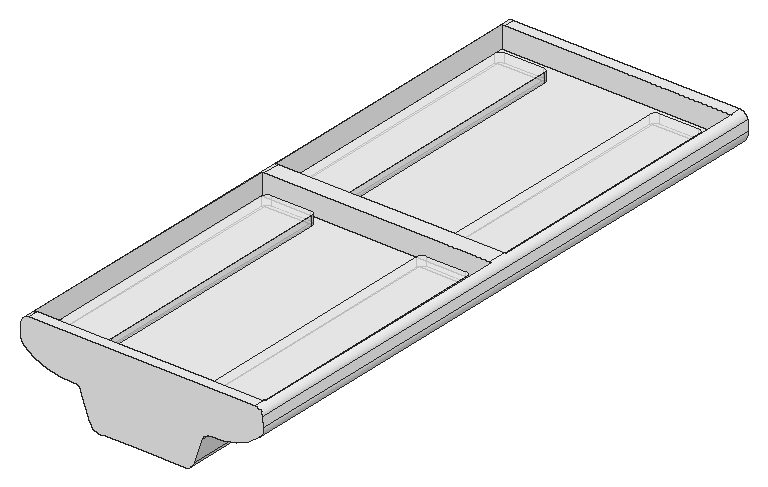
Revit family "PELA-850-L48", category Lighting Fixtures, host Face, Revit 2021
Family settings
  Host = Face
  Round Connector Dimension = Use Diameter
  Part Type = Normal
  OmniClass Number = 23.80.70.11.14.17
  OmniClass Title = Direct/Indirect
  Cut with Voids When Loaded = No
  Light Source = Yes
  Shared = Yes
  Room Calculation Point = No
Parameters (values of type "PELA-850-L48")
  Wattage = 388 W
  Warranty = "5 year limited"  # constant formula
  built-in parameter 1150110 = 1 (stored number, unit not read)
  Voltage Comments = "120-277;347;480"
  Voltage = 120 V
  Version = "2021 V 1.2"  # constant formula
  Type Comments = "Light Fixture"
  built-in parameter 1114217 = 1 (stored number, unit not read)
  Tilt Angle = -90.00°
  built-in parameter 1150109 = 1 (stored number, unit not read)
  built-in parameter 1150134 = 2
  built-in parameter 1150113 = 1 (stored number, unit not read)
  Product Page URL = "https://www.currentlighting.com/indoor-lighting/pela/232365"
  Product Documentation Link = "https://cdn.currentlighting.com/site/specsheet/COL_PELA_SPEC.pdf"
  Power Factor = 1
  Photometry Note = "Please load ies file listed under Photometric Web File for accurate rendering."  # constant formula
  Photometric Web Link = "https://www.currentlighting.com/indoor-lighting/pela/232365"
  Photometric Web File = "PELA-850-L48-B-xxx_120-277V.IES"
  Optical Code = "B"
  Wattage Comments = "49 - 380 W"
  URL = "www.currentlighting.com"
  Mounting = "Please Refer to the Product Spec Sheet for Mounting Options"  # constant formula
  Model = "PELA-850-L48"
  Manufacturer Contact-us = "https://www.currentlighting.com/contact-us"
  Manufacturer Address = "701 Millenium Blvd,Greenville, SC"  # constant formula
  Manufacturer = "Current Lighting"  # constant formula
  built-in parameter 1150105 = 3827.5 (stored number, unit not read)
  Lumens = 48112 lm
  built-in parameter 1150115 = 1 (stored number, unit not read)
  Load Classification = Lighting
  built-in parameter 1150137 = (empty or 0)
  built-in parameter 1150139 = (empty or 0)
  Lens Material Finish = White Glass
  built-in parameter 1150112 = 1 (stored number, unit not read)
  built-in parameter 1150114 = 1 (stored number, unit not read)
  Lamp = "LED"  # constant formula
  Installation and Service URL = "https://cdn.currentlighting.com/site/installationmanuals/COL_PELA_INS.pdf"
  built-in parameter 1150132 = (empty or 0)
  built-in parameter 1150102 = (empty or 0)
  built-in parameter 1150107 = 5000 (stored number, unit not read)
  built-in parameter 1150138 = (empty or 0)
  built-in parameter 1150106 = 38.275 (stored number, unit not read)
  Housing Material = Paint - Matte White
  Features = "Ideal for high bay industrial and commercial buildings\r\nLumen packages from 9,000-48,000\r\nIntegrated emergency battery backup\r\nAvailable with NX Connect integrated controls"
  Emit from Rectangle Width = 26.00"  # constant formula
  Emit from Rectangle Length = 9.50"  # constant formula
  Emit Shape Visible in Rendering = no
  built-in parameter 1150104 = 11.52 (stored number, unit not read)
  Distribution Patterns = "None"
  Dimming Lamp Color Temperature Shift = <None>
  Description = "The PELA is a compact high bay fixture with many options available from high lumen packages to switchable lumens as well as NX Controls."
  Default Elevation = 48.00"
  Copyright = "© 2022 HLI Solutions, Inc."
  Controller = "Please Refer to the Product Spec Sheet for Control Options"  # constant formula
  Color Rendering Index = "80 CRI"
  Color Filter = 16777215
  Brand = "Columbia Lighting"
  built-in parameter 1114218 = 1 (stored number, unit not read)
  Available Finish Options = "Available in Matte White"  # constant formula
  built-in parameter 1150133 = 10 (stored number, unit not read)
  Assembly Code = "D5020200"
  Apparent Load = 388 VA
  Additional Material Finish = Paint - Matte White
Reference planes (in)
  plane 1 "Center (Front/Back)": y = 13.26342
  plane 2: z = 0
  plane 3 "Center (Left/Right)": x = 0
  plane 4: y = 26.91342
  plane 5: y = -0.38658
  plane 6: x = 5.44
  plane 7: x = -5.44
  plane 8: z = 3.6
Forms (in)
  Extrusion 1, solid, material "Paint - Matte White" <- "Housing Material"
    sketch origin (0, 13.26342, 0.125) x (1, 0, 0) y (0, 0, 1)
      loop
        arc (-5.06082, 3.48382) -> (-5.30339, 3.38949) -> (-5.41851, 3.15607) r 0.35905
        line (-5.41851, 3.15607) -> (-5.45721, 2.71367)
        arc (-5.45721, 2.71367) -> (-5.42172, 2.48036) -> (-5.28317, 2.28932) r 0.5
        arc (-5.28317, 2.28932) -> (-4.23601, 1.70309) -> (-3.04468, 1.55842) r 3.10058
        arc (-3.04468, 1.55842) -> (-2.84716, 1.50707) -> (-2.72206, 1.34584) r 0.31649
        line (-2.72206, 1.34584) -> (-2.33814, 0.23087)
        arc (-2.33814, 0.23087) -> (-2.10135, -0.05086) -> (-1.73678, -0.10118) r 0.51237
        line (-1.73678, -0.10118) -> (0, -0.10118) -> (1.79928, -0.10118)
        arc (1.79928, -0.10118) -> (2.16385, -0.05086) -> (2.40064, 0.23087) r 0.51237
        line (2.40064, 0.23087) -> (2.78456, 1.34584)
        arc (2.78456, 1.34584) -> (2.90966, 1.50707) -> (3.10718, 1.55842) r 0.31649
        arc (3.10718, 1.55842) -> (4.29851, 1.70309) -> (5.34567, 2.28932) r 3.10058
        arc (5.34567, 2.28932) -> (5.48422, 2.48036) -> (5.51971, 2.71367) r 0.5
        line (5.51971, 2.71367) -> (5.48101, 3.15607)
        arc (5.48101, 3.15607) -> (5.36589, 3.38949) -> (5.12332, 3.48382) r 0.35905
        line (5.12332, 3.48382) -> (-5.06082, 3.48382)
    from -13.65 to 13.65
  Extrusion 2, void
    sketch origin (0, 0, 0) x (1, 0, 0) y (0, 1, 0)
      loop
        line (-5.19, 26.41342) -> (-5.19, 13.66342) -> (5.19, 13.66342) -> (5.19, 26.41342) -> (-5.19, 26.41342)
      loop
        line (-5.19, 0.11342) -> (5.19, 0.11342) -> (5.19, 12.86342) -> (-5.19, 12.86342) -> (-5.19, 0.11342)
    from 2.63499 to 3.85781
  Extrusion 3, solid, material "White Glass" <- "Lens Material Finish"
    sketch origin (-0.06717, -0.07678, 0) x (1, 0, 0) y (0, 1, 0)
      loop
        arc (-4.36812, 25.71987) -> (-4.5449, 25.64664) -> (-4.61812, 25.46987) r 0.25
        line (-4.61812, 25.46987) -> (-4.61812, 14.17987)
        arc (-4.61812, 14.17987) -> (-4.5449, 14.00309) -> (-4.36812, 13.92987) r 0.25
        line (-4.36812, 13.92987) -> (-2.61812, 13.92987)
        arc (-2.61812, 13.92987) -> (-2.44134, 14.00309) -> (-2.36812, 14.17987) r 0.25
        line (-2.36812, 14.17987) -> (-2.36812, 25.46987)
        arc (-2.36812, 25.46987) -> (-2.44134, 25.64664) -> (-2.61812, 25.71987) r 0.25
        line (-2.61812, 25.71987) -> (-4.36812, 25.71987)
      loop
        line (4.36812, 25.71987) -> (2.61812, 25.71987)
        arc (2.61812, 25.71987) -> (2.44134, 25.64664) -> (2.36812, 25.46987) r 0.25
        line (2.36812, 25.46987) -> (2.36812, 14.17987)
        arc (2.36812, 14.17987) -> (2.44134, 14.00309) -> (2.61812, 13.92987) r 0.25
        line (2.61812, 13.92987) -> (4.36812, 13.92987)
        arc (4.36812, 13.92987) -> (4.5449, 14.00309) -> (4.61812, 14.17987) r 0.25
        line (4.61812, 14.17987) -> (4.61812, 25.46987)
        arc (4.61812, 25.46987) -> (4.5449, 25.64664) -> (4.36812, 25.71987) r 0.25
      loop
        line (-4.36812, 0.80697) -> (-2.61812, 0.80697)
        arc (-2.61812, 0.80697) -> (-2.44134, 0.8802) -> (-2.36812, 1.05697) r 0.25
        line (-2.36812, 1.05697) -> (-2.36812, 12.34697)
        arc (-2.36812, 12.34697) -> (-2.44134, 12.52375) -> (-2.61812, 12.59697) r 0.25
        line (-2.61812, 12.59697) -> (-4.36812, 12.59697)
        arc (-4.36812, 12.59697) -> (-4.5449, 12.52375) -> (-4.61812, 12.34697) r 0.25
        line (-4.61812, 12.34697) -> (-4.61812, 1.05697)
        arc (-4.61812, 1.05697) -> (-4.5449, 0.8802) -> (-4.36812, 0.80697) r 0.25
      loop
        arc (4.36812, 0.80697) -> (4.5449, 0.8802) -> (4.61812, 1.05697) r 0.25
        line (4.61812, 1.05697) -> (4.61812, 12.34697)
        arc (4.61812, 12.34697) -> (4.5449, 12.52375) -> (4.36812, 12.59697) r 0.25
        line (4.36812, 12.59697) -> (2.61812, 12.59697)
        arc (2.61812, 12.59697) -> (2.44134, 12.52375) -> (2.36812, 12.34697) r 0.25
        line (2.36812, 12.34697) -> (2.36812, 1.05697)
        arc (2.36812, 1.05697) -> (2.44134, 0.8802) -> (2.61812, 0.80697) r 0.25
        line (2.61812, 0.80697) -> (4.36812, 0.80697)
    from 2.63499 to 3.06657
  Extrusion 4, solid, material "Paint - Matte White" <- "Additional Material Finish"
    sketch origin (-0.06717, -0.07678, 0) x (1, 0, 0) y (0, 1, 0)
      loop
        line (-4.50479, 25.46987) -> (-4.50479, 14.17987) -> (-2.48145, 14.17987) -> (-2.48145, 25.46987) -> (-4.50479, 25.46987)
      loop
        line (4.50479, 25.46987) -> (2.48145, 25.46987) -> (2.48145, 14.17987) -> (4.50479, 14.17987) -> (4.50479, 25.46987)
      loop
        line (-4.50479, 1.05697) -> (-2.48145, 1.05697) -> (-2.48145, 12.34697) -> (-4.50479, 12.34697) -> (-4.50479, 1.05697)
      loop
        line (4.50479, 1.05697) -> (4.50479, 12.34697) -> (2.48145, 12.34697) -> (2.48145, 1.05697) -> (4.50479, 1.05697)
    from 2.63499 to 2.7
Cuts and joins
  Extrusion 2 cuts Extrusion 1
Dimensions and locks (in)
  plane 5 to plane 4 = 27.30"
  plane 7 to plane 6 = 10.88"
  equal spacing: plane 5, plane 1 "Center (Front/Back)", plane 4
  plane 8 to host face = 3.60"
  aligned and locked: plane 2 to host face
  aligned and locked: level to host face
  aligned and locked: plane 3 "Center (Left/Right)" to imposter light
  aligned and locked: Extrusion 1 to plane 4
  aligned and locked: plane 5 to Extrusion 1
  aligned and locked: imposter light to plane 8
Automatic sketch dimensions
  host sketch curve to host sketch curve = 96.00"  (x2)
  Extrusion 1 sketch curve to plane 3 "Center (Left/Right)" = 0.00"
  level to Extrusion 1 sketch curve = 0.02382"
  Extrusion 1 sketch curve to plane 3 "Center (Left/Right)" = 1.73678"
  Extrusion 1 sketch curve to Extrusion 1 sketch curve = 0.11691"  (x2)
  level to Extrusion 1 sketch curve = 0.35587"  (x2)
  Extrusion 1 sketch curve to Extrusion 1 sketch curve = 0.48446"  (x2)
  Extrusion 1 sketch curve to Extrusion 1 sketch curve = 0.38391"  (x2)
  Extrusion 1 sketch curve to Extrusion 1 sketch curve = 0.29925"  (x2)
  plane 7 to Extrusion 1 sketch curve = 2.16637"
  plane 7 to Extrusion 1 sketch curve = 0.48089"
  plane 7 to Extrusion 1 sketch curve = 0.37918"
  plane 7 to Extrusion 1 sketch curve = 0.02149"
  Extrusion 1 sketch curve to plane 7 = 0.01721"
  Extrusion 1 sketch curve to Extrusion 1 sketch curve = 1.79928"
  Extrusion 1 sketch curve to plane 6 = 2.10387"
  Extrusion 1 sketch curve to plane 6 = 0.41839"
  Extrusion 1 sketch curve to plane 6 = 0.31668"
  plane 6 to Extrusion 1 sketch curve = 0.04101"
  plane 6 to Extrusion 1 sketch curve = 0.07971"
  Extrusion 1 sketch curve to Extrusion 1 sketch curve = 1.01193"  (x2)
  Extrusion 1 sketch curve to Extrusion 1 sketch curve = 0.10304"  (x2)
  plane 8 to Extrusion 1 sketch curve = 0.80491"  (x2)
  Extrusion 1 sketch curve to Extrusion 1 sketch curve = 0.04358"  (x2)
  plane 8 to Extrusion 1 sketch curve = 0.35023"
  Extrusion 1 sketch curve to Extrusion 1 sketch curve = 0.45468"
  plane 8 to Extrusion 1 sketch curve = 0.31893"
  Extrusion 1 sketch curve to plane 8 = 1.17553"  (x2)
  Extrusion 1 sketch curve to Extrusion 1 sketch curve = 0.00"  (x2)
  plane 7 to Extrusion 2 sketch curve = 0.25"  (x2)
  Extrusion 2 sketch curve to plane 6 = 0.25"  (x2)
  Extrusion 2 sketch curve to plane 5 = 0.50"
  plane 4 to Extrusion 2 sketch curve = 0.50"
  plane 1 "Center (Front/Back)" to Extrusion 2 sketch curve = 0.40"
  Extrusion 2 sketch curve to plane 1 "Center (Front/Back)" = 0.40"
  plane 7 to Extrusion 3 sketch curve = 0.75471"  (x2)
  Extrusion 3 sketch curve to Extrusion 3 sketch curve = 0.25"  (x12)
  Extrusion 3 sketch curve to Extrusion 3 sketch curve = 1.75"  (x3)
  Extrusion 3 sketch curve to plane 1 "Center (Front/Back)" = 0.58967"  (x2)
  plane 1 "Center (Front/Back)" to Extrusion 3 sketch curve = 0.99322"  (x2)
  Extrusion 3 sketch curve to Extrusion 3 sketch curve = 0.00"  (x2)
  plane 3 "Center (Left/Right)" to Extrusion 3 sketch curve = 2.30095"
  Extrusion 3 sketch curve to plane 6 = 1.13905"  (x4)
  Extrusion 3 sketch curve to plane 5 = 1.36678"  (x2)
  plane 4 to Extrusion 3 sketch curve = 1.52033"  (x2)
  plane 7 to Extrusion 4 sketch curve = 0.86804"  (x2)
  plane 1 "Center (Front/Back)" to Extrusion 4 sketch curve = 0.99322"  (x2)
  Extrusion 4 sketch curve to Extrusion 4 sketch curve = 2.02333"  (x2)
  plane 3 "Center (Left/Right)" to Extrusion 4 sketch curve = 2.41428"  (x2)
  Extrusion 4 sketch curve to plane 6 = 1.00238"  (x2)
  Extrusion 4 sketch curve to plane 5 = 1.36678"  (x2)
  Extrusion 4 sketch curve to plane 1 "Center (Front/Back)" = 0.83967"  (x2)
  plane 4 to Extrusion 4 sketch curve = 1.52033"  (x2)
Connectors (in)
  electrical at (0.89964, 13.26342, 0.02382), driven by "Power Factor", driven by "Apparent Load", driven by "Voltage", driven by "Load Classification"
    settings: on cut or joined group of Extrusion 1, Extrusion 2, index 1, voltage 120 V, apparent load 388 VA, apparent load phase1 0 VA, apparent load phase2 0 VA, apparent load phase3 0 VA, power factor 1, load classification "Lighting", number of poles 1, system type 30, power factor state 1, is connector primary yes, connector utility no, sub classification motor no, connector description "Light Fixture"
